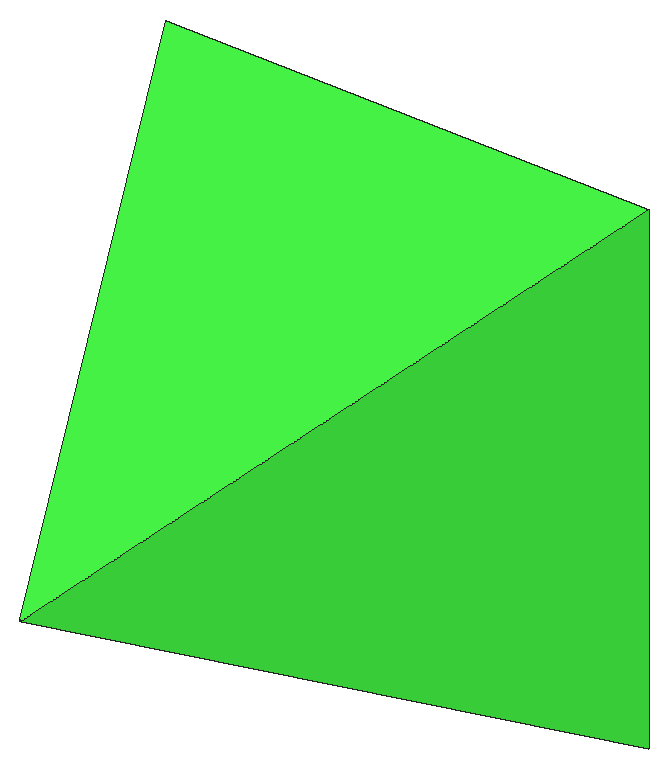
Revit family "Proxy", category Generic Models, Revit 2019
Family settings
  Can host rebar = No
  Round Connector Dimension = Use Diameter
  Part Type = Normal
  Work Plane-Based = Yes
  Always vertical = No
  Cut with Voids When Loaded = No
  Shared = No
  Room Calculation Point = No
Parameters
  TopBase = 0.001 m
  Size = 0.39839 m
  Material = Proxy Material
  Default Elevation = 1.2192 m
Reference planes (m)
  plane 1 "Center (Front/Back)": y = 0
  plane 2: z = 0
  plane 3 "Center (Left/Right)": x = 0
  plane 4: z = 0.199195
  plane 5: z = -0.199195
  plane 6: x = -0.199195
  plane 7: x = 0.199195
  plane 8: z = 0.0005
  plane 9: x = -0.0005
  plane 10: z = -0.0005
  plane 11: x = 0.0005
  plane 12: y = -0.39839
Forms (m)
  Blend 1, solid, material "Proxy Material" <- "Material"
    base sketch origin (0, 0, 0) x (1, 0, 0) y (0, 0, 1)
      loop
        line (0.199195, 0.199195) -> (-0.199195, 0.199195) -> (-0.199195, -0.199195) -> (0.199195, -0.199195) -> (0.199195, 0.199195)
    top sketch origin (0, 0, 0) x (1, 0, 0) y (0, 0, 1)
      loop
        line (0.0005, 0.0005) -> (-0.0005, 0.0005) -> (-0.0005, -0.0005) -> (0.0005, -0.0005) -> (0.0005, 0.0005)
    from 0 to 0.39839
Dimensions and locks (m)
  equal spacing: plane 6, plane 3 "Center (Left/Right)", plane 7
  equal spacing: plane 5, level, plane 4
  "Size": plane 6 to plane 7
  "Size": plane 5 to plane 4
  equal spacing: plane 9, plane 3 "Center (Left/Right)", plane 11
  equal spacing: plane 10, level, plane 8
  "TopBase": plane 10 to plane 8
  "TopBase": plane 9 to plane 11
  "Size": plane 1 "Center (Front/Back)" to plane 12
  aligned and locked: level to plane 2
  aligned and locked: plane 4 to Blend 1 sketch curve
  aligned and locked: Blend 1 sketch curve to plane 7
  aligned and locked: Blend 1 sketch curve to plane 5
  aligned and locked: plane 6 to Blend 1 sketch curve
  aligned and locked: plane 8 to Blend 1 sketch curve
  aligned and locked: Blend 1 sketch curve to plane 11
  aligned and locked: Blend 1 sketch curve to plane 10
  aligned and locked: plane 9 to Blend 1 sketch curve
  aligned and locked: Blend 1 to plane 12
